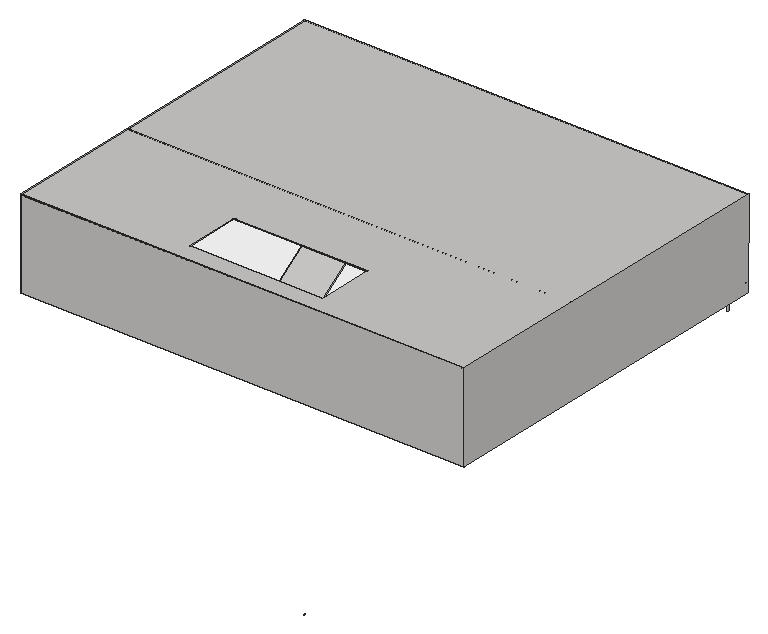
Revit family "QF_ELECTROLUXPROFESSIONAL_640204_EPF1620", category Attrezzature speciali, Revit 2021
Family settings
  Quota connettore circolare = Usa diametro
  Tipo di parte = Normale
  Basato su piano di lavoro = No
  Sempre verticale = Sì
  Taglio con vuoti quando caricato = No
  Condiviso = No
  Punto di calcolo locali = No
Parameters (values of type "Standard")
  Weight = 51.00 kg
  Watts = 0 W
  Volts = 0 V
  URL Manufacturer = "https://www.electroluxprofessional.com/"
  URL = "https://www.electroluxprofessional.com/"
  Steam Supply Size = 0 mm
  Steam Supply Minimum Pressure = 0.0 Pa
  Steam Supply Maximum Pressure = 0.0 Pa
  Steam Consumption per Hour = 0
  Refrigeration Suction Line Size = 0 mm
  Refrigeration Liquid Line Size = 0 mm
  Refrigerant Compressor Remote = yes
  Prospetto di default = 0 mm
  Produttore = "Electrolux Professional"
  Phase = 0
  Modello = "EPF1620"
  Length Actual = 2000 mm  # constant formula
  Item Number = "640204"
  Hot Water Size = 0 mm
  Height Actual = 400 mm  # constant formula
  HP = "0 HP"
  Gas Size = 0 mm
  Gas KW = 0
  Gas Input Pressure = 0 W
  Direct Waste Size = 0 mm
  Descrizione = "304 S/S WALL HOOD+FILTERS 200X160 CM"
  Depth Actual = 1600 mm  # constant formula
  Cycle = 0 Hz
  Condensate Return Size = 0 mm
  Compressed Air Volume = 0.0 L/s
  Compressed Air Size = 0 mm
  Compressed Air Pressure = 0.0 Pa
  Cold Water Size = 0 mm
  Accessory = yes
Reference planes
  plane 1: z = 0
  plane 2 "Center (Left/Right)": x = 150
  plane 3 "LEFT": x = -850
  plane 4 "RIGHT": x = 1150
  plane 5 "BACK": y = 550
  plane 6 "TOP": z = 2400
  plane 7 "Base": z = 2000
  plane 8: z = 1970
  plane 9 "DrainY": y = 450
  plane 10: x = -847
  plane 11: y = -720
  plane 12: y = -970
  plane 13 "DrainX": x = 1137
  plane 14 "AOLeft": x = -150
  plane 15 "AORight": x = 450
  plane 16: x = 1147
  plane 17: x = -650
  plane 18: x = 950
  plane 19: through (0, -449.6, 2399.19) normal (0, -0.5736, 0.8192)
  plane 20: x = 50
  plane 21: x = 250
  plane 22 "Center (Front/Back)": y = -250
  plane 23 "Front": y = -1050
Forms (mm)
  Extrusion 1, solid, material "QF_Finishes_Stainless Steel"
    sketch origin (-850, 0, 360) x (0, 1, 0) y (0, 0, 1)
      loop
        line (550, 1640) -> (550, 2040) -> (-1050, 2040) -> (-1050, 1640) -> (550, 1640)
    from 0 to 3
  Extrusion 2, solid, material "QF_Finishes_Stainless Steel"
    sketch origin (1150, 0, 360) x (0, 1, 0) y (0, 0, 1)
      loop
        line (550, 1640) -> (550, 2040) -> (-1050, 2040) -> (-1050, 1640) -> (550, 1640)
    from 0 to -3
  Extrusion 3, solid, material "QF_Finishes_Stainless Steel"
    sketch origin (150, 0, 360) x (0, 1, 0) y (0, 0, 1)
      loop
        line (-1050, 2040) -> (-1050, 1640) -> (-1040, 1640) -> (-1040, 1640.8) -> (-1049.2, 1640.8) -> (-1049.2, 2039.19) -> (549.2, 2039.19) -> (549.2, 1640.8) -> (540, 1640.8) -> (540, 1640) -> (550, 1640) -> (550, 2040) -> (-1050, 2040)
    from -1000 to 1000
  Extrusion 4, solid, material "QF_Finishes_Stainless Steel"
    sketch origin (0, 0, 2000) x (0, 1, 0) y (-1, 0, 0)
      loop
        circle (450, -1137) r 4.763
    from -30 to 0
  Extrusion 5, void
    sketch origin (0, 0, 2400) x (0, 1, 0) y (-1, 0, 0)
      loop
        line (-720, -450) -> (-720, 150) -> (-970, 150) -> (-970, -450) -> (-720, -450)
    from 0 to -10
  Extrusion 6, solid, material "QF_Finishes_Stainless Steel"
    sketch origin (0, 0, 0) x (1, 0, 0) y (0, 1, 0)
      loop
        line (-850, 550) -> (-850, 549) -> (-849, 549) -> (-849, 550) -> (-850, 550)
    from 0 to 1
  Extrusion 7, solid, material "QF_Finishes_Stainless Steel"
    sketch origin (150, 0, 360) x (0, 1, 0) y (0, 0, 1)
      loop
        line (-531.515, 1981.832) -> (-534.381, 1985.926) -> (-973.276, 1678.608) -> (-970.553, 1674.415) -> (-531.515, 1981.832)
    from -800 to -997
  Extrusion 8, solid, material "QF_Finishes_Stainless Steel"
    sketch origin (150, 0, 360) x (0, 1, 0) y (0, 0, 1)
      loop
        line (-1050, 2039.19) -> (-1050, 1640) -> (-1019.702, 1640) -> (-970.553, 1674.415) -> (-978.723, 1686.995) -> (-979.394, 1686.559) -> (-971.645, 1674.627) -> (-1019.955, 1640.8) -> (-1049.2, 1640.8) -> (-1049.2, 2039.19) -> (-1050, 2039.19)
      loop
        line (-449.6, 2039.19) -> (-450.995, 2039.19) -> (-531.319, 1982.947) -> (-539.464, 1994.578) -> (-540.119, 1994.12) -> (-531.515, 1981.832) -> (-449.6, 2039.19)
    from -997 to 997
  Extrusion 9, solid, material "QF_Finishes_Stainless Steel"
    sketch origin (150, 0, 360) x (0, 1, 0) y (0, 0, 1)
      loop
        line (-531.515, 1981.832) -> (-534.381, 1985.926) -> (-973.276, 1678.608) -> (-970.553, 1674.415) -> (-531.515, 1981.832)
    from 997 to 800
  Extrusion 10, solid, material "QF_Finishes_Stainless Steel"
    sketch origin (150, 0, 360) x (0, 1, 0) y (0, 0, 1)
      loop
        line (-531.515, 1981.832) -> (-534.381, 1985.926) -> (-973.276, 1678.608) -> (-970.553, 1674.415) -> (-531.515, 1981.832)
    from -100 to 100
  Extrusion 11, solid, material "QF_Finished_Chrome"
    sketch origin (150, 0, 360) x (0, 1, 0) y (0, 0, 1)
      loop
        line (-531.515, 1981.832) -> (-534.381, 1985.926) -> (-973.276, 1678.608) -> (-970.553, 1674.415) -> (-531.515, 1981.832)
    from -800 to -100
  Extrusion 12, solid, material "QF_Finished_Chrome"
    sketch origin (150, 0, 360) x (0, 1, 0) y (0, 0, 1)
      loop
        line (-531.515, 1981.832) -> (-534.381, 1985.926) -> (-973.276, 1678.608) -> (-970.553, 1674.415) -> (-531.515, 1981.832)
    from 100 to 800
  Sweep 13, solid, material "QF_Finishes_Stainless Steel"
    path origin (0, 0, 0) x (1, 0, 0) y (0, 1, 0)
      loop
        line (1150, 550) -> (-850, 550) -> (-850, -1050) -> (1150, -1050) -> (1150, 550)
    profile origin (1150, -250, 0) x (1, 0, 0) y (0, 0, 1)
      loop
        line (-3, 2000) -> (-3, 2000.8) -> (-19, 2000.8) -> (-19, 2010) -> (-20, 2010) -> (-20, 2000) -> (-3, 2000)
  Extrusion 14, solid, material "QF_Finishes_Stainless Steel"
    sketch origin (150, 0, 0) x (0, 1, 0) y (0, 0, 1)
      loop
        line (108.687, 2305.487) -> (549.2, 2040.8) -> (549.2, 2041.733) -> (109.285, 2306.061) -> (-443.438, 2399.19) -> (-445.739, 2399.19) -> (108.687, 2305.487)
    from -997 to 997
Cuts and joins
  Extrusion 5 cuts Extrusion 3
  joined: Extrusion 2, Extrusion 3, Sweep 13
Lines and regions (mm)
  symbolic lines, style "SpecialityEquipment", detail levels coarse
    curve 1: line (1150, 550, 2400) -> (-850, 550, 2400)
    curve 2: line (-850, 550, 2400) -> (-850, -1050.8, 2400)
    curve 3: line (1150, -1050.8, 2400) -> (1150, 550, 2400)
    curve 4: line (450, -970, 2400) -> (-150, -970, 2400)
    curve 5: line (450, -720, 2400) -> (450, -970, 2400)
    curve 6: line (-150, -720, 2400) -> (450, -720, 2400)
    curve 7: line (-150, -970, 2400) -> (-150, -720, 2400)
    curve 8: line (-850, 550, 0) -> (1150, -1050, 0)
    curve 9: line (1150, 550, 0) -> (-850, -1050, 0)
  symbolic lines, detail levels coarse
    curve 10: line (-850, -1050, 0) -> (1150, -1050, 0)
    curve 11: line (-150, -720, 0) -> (-150, -970, 0)
    curve 12: line (450, -720, 0) -> (-150, -720, 0)
    curve 13: line (450, -970, 0) -> (450, -720, 0)
    curve 14: line (-150, -970, 0) -> (450, -970, 0)
Dimensions and locks
  plane 3 "LEFT" to plane 4 "RIGHT" = 2000 mm
  equal spacing: plane 3 "LEFT", plane 2 "Center (Left/Right)", plane 4 "RIGHT"
  plane 7 "Base" to plane 8 = 30 mm
  plane 5 "BACK" to plane 9 "DrainY" = 100 mm  (x2)
  plane 3 "LEFT" to plane 10 = 3 mm
  plane 13 "DrainX" to plane 4 "RIGHT" = 13 mm
  plane 16 to plane 4 "RIGHT" = 3 mm
  plane 3 "LEFT" to plane 17 = 200 mm
  plane 18 to plane 4 "RIGHT" = 200 mm
  locked: plane 14 "AOLeft" to plane 15 "AORight" at 600
  equal spacing: plane 14 "AOLeft", plane 2 "Center (Left/Right)", plane 15 "AORight"
  locked: plane 7 "Base" to level at 2000
  locked: plane 6 "TOP" to plane 7 "Base" at 400
  locked: plane 20 to plane 21 at 200
  equal spacing: plane 20, plane 2 "Center (Left/Right)", plane 21
  locked: plane 11 to plane 12 at 250
  plane 5 "BACK" to plane 23 "Front" = 1600 mm  (x2)
  equal spacing: plane 5 "BACK", plane 22 "Center (Front/Back)", plane 23 "Front"
  plane 12 to plane 23 "Front" = 80 mm
  aligned and locked: level to plane 1
  aligned and locked: plane 4 "RIGHT" to Extrusion 3
  aligned and locked: Extrusion 3 to plane 3 "LEFT"
  aligned and locked: Extrusion 5 to plane 14 "AOLeft"
  aligned and locked: Extrusion 5 to plane 12
  aligned and locked: Extrusion 5 to plane 11
  aligned and locked: Extrusion 7 to plane 10
  aligned and locked: Extrusion 7 to plane 17
  aligned and locked: Extrusion 2 to plane 16
  aligned and locked: Extrusion 5 to plane 15 "AORight"
  aligned and locked: plane 15 "AORight" to curve 5
  aligned and locked: plane 16 to Extrusion 9
  aligned and locked: plane 18 to Extrusion 9
  aligned and locked: Extrusion 10 to plane 21
  aligned and locked: Extrusion 10 to plane 20
  aligned and locked: Extrusion 11 to plane 20
  aligned and locked: plane 17 to Extrusion 11
  aligned and locked: Extrusion 12 to plane 21
  aligned and locked: Extrusion 12 to plane 18
  aligned and locked: Extrusion 14 to plane 10
  aligned and locked: plane 16 to Extrusion 14
  aligned and locked: Extrusion 8 to plane 10
  aligned and locked: Extrusion 8 to plane 16
  aligned and locked: Extrusion 1 to plane 23 "Front"
Automatic sketch dimensions
  curve 2 to plane 3 "LEFT" = 0 mm
  curve 4 to plane 12 = 0 mm
  plane 11 to curve 6 = 0 mm
  curve 2 to plane 5 "BACK" = 0 mm
  curve 4 to plane 14 "AOLeft" = 0 mm
  Extrusion 1 sketch curve to plane 7 "Base" = 0 mm
  Extrusion 1 sketch curve to plane 5 "BACK" = 0 mm
  Extrusion 1 sketch curve to plane 6 "TOP" = 0 mm
  Extrusion 2 sketch curve to plane 7 "Base" = 0 mm
  Extrusion 2 sketch curve to plane 5 "BACK" = 0 mm
  Extrusion 2 sketch curve to plane 6 "TOP" = 0 mm
  Extrusion 3 sketch curve to plane 6 "TOP" = 0 mm
  Extrusion 3 sketch curve to plane 7 "Base" = 0 mm  (x2)
  Extrusion 3 sketch curve to plane 5 "BACK" = 0 mm
  Extrusion 3 sketch curve to Extrusion 3 sketch curve = 9.2 mm
  plane 7 "Base" to Extrusion 3 sketch curve = 0.8 mm  (x2)
  Extrusion 3 sketch curve to plane 5 "BACK" = 10 mm
  Extrusion 3 sketch curve to plane 5 "BACK" = 0.8 mm
  Extrusion 3 sketch curve to plane 6 "TOP" = 0.81 mm
  Extrusion 4 sketch curve to plane 9 "DrainY" = 0 mm
  Extrusion 4 sketch curve to plane 13 "DrainX" = 0 mm
  Extrusion 5 sketch curve to plane 12 = 0 mm
  plane 11 to Extrusion 5 sketch curve = 0 mm
  Extrusion 5 sketch curve to plane 15 "AORight" = 0 mm
  Extrusion 5 sketch curve to plane 14 "AOLeft" = 0 mm
  Extrusion 6 sketch curve to plane 3 "LEFT" = 0 mm
  Extrusion 6 sketch curve to plane 5 "BACK" = 0 mm
  plane 3 "LEFT" to Extrusion 6 sketch curve = 1 mm
  Extrusion 6 sketch curve to Extrusion 6 sketch curve = 1 mm
  Extrusion 7 sketch curve to plane 19 = 0 mm  (x2)
  plane 7 "Base" to Extrusion 7 sketch curve = 34.415 mm
  Extrusion 7 sketch curve to plane 6 "TOP" = 54.074 mm
  Extrusion 8 sketch curve to plane 7 "Base" = 0 mm
  plane 19 to Extrusion 8 sketch curve = 0 mm  (x4)
  Extrusion 8 sketch curve to Extrusion 8 sketch curve = 0.252 mm
  Extrusion 8 sketch curve to Extrusion 8 sketch curve = 40.561 mm
  plane 7 "Base" to Extrusion 8 sketch curve = 46.995 mm
  Extrusion 8 sketch curve to Extrusion 8 sketch curve = 0.671 mm
  plane 7 "Base" to Extrusion 8 sketch curve = 34.627 mm
  Extrusion 8 sketch curve to Extrusion 8 sketch curve = 7.749 mm
  Extrusion 8 sketch curve to plane 6 "TOP" = 45.88 mm
  Extrusion 8 sketch curve to plane 6 "TOP" = 45.422 mm
  Extrusion 8 sketch curve to plane 6 "TOP" = 57.053 mm
  Extrusion 8 sketch curve to plane 6 "TOP" = 0.81 mm  (x2)
  plane 7 "Base" to Extrusion 8 sketch curve = 0.8 mm
  Extrusion 9 sketch curve to plane 19 = 0 mm  (x2)
  plane 7 "Base" to Extrusion 9 sketch curve = 34.415 mm
  Extrusion 9 sketch curve to plane 6 "TOP" = 54.074 mm
  Extrusion 10 sketch curve to plane 19 = 0 mm  (x2)
  plane 7 "Base" to Extrusion 10 sketch curve = 34.415 mm
  Extrusion 10 sketch curve to plane 6 "TOP" = 54.074 mm
  Extrusion 11 sketch curve to plane 19 = 0 mm  (x2)
  plane 7 "Base" to Extrusion 11 sketch curve = 34.415 mm
  Extrusion 11 sketch curve to plane 6 "TOP" = 54.074 mm
  Extrusion 12 sketch curve to plane 19 = 0 mm  (x2)
  plane 7 "Base" to Extrusion 12 sketch curve = 34.415 mm
  Extrusion 12 sketch curve to plane 6 "TOP" = 54.074 mm
  Sweep 13 sketch curve to plane 3 "LEFT" = 0 mm
  Sweep 13 sketch curve to plane 4 "RIGHT" = 0 mm
  Sweep 13 sketch curve to plane 5 "BACK" = 0 mm
  profile plane to Sweep 13 sketch curve = 20 mm
  Sweep 13 sketch curve to Sweep 13 sketch curve = 1 mm
  profile plane to Sweep 13 sketch curve = 3 mm
  level to Sweep 13 sketch curve = 2000 mm
  Sweep 13 sketch curve to Sweep 13 sketch curve = 0.8 mm
  Sweep 13 sketch curve to Sweep 13 sketch curve = 9.2 mm
  Extrusion 7 sketch curve to plane 11 = 185.619 mm
  Extrusion 8 sketch curve to Extrusion 8 sketch curve = 90.519 mm
  Extrusion 9 sketch curve to plane 11 = 185.619 mm
  Extrusion 10 sketch curve to plane 11 = 185.619 mm
  Extrusion 11 sketch curve to plane 11 = 185.619 mm
  Extrusion 12 sketch curve to plane 11 = 185.619 mm
  Extrusion 1 sketch curve to plane 12 = 80 mm
  Extrusion 2 sketch curve to plane 12 = 80 mm
  Extrusion 3 sketch curve to plane 12 = 70 mm
  Extrusion 3 sketch curve to Extrusion 3 sketch curve = 0.8 mm
  Extrusion 7 sketch curve to plane 12 = 3.276 mm
  Extrusion 8 sketch curve to plane 12 = 79.2 mm
  Extrusion 8 sketch curve to Extrusion 8 sketch curve = 0.8 mm
  Extrusion 9 sketch curve to plane 12 = 3.276 mm
  Extrusion 10 sketch curve to plane 12 = 3.276 mm
  Extrusion 11 sketch curve to plane 12 = 3.276 mm
  Extrusion 12 sketch curve to plane 12 = 3.276 mm
  Sweep 13 sketch curve to plane 12 = 80 mm
  Extrusion 14 sketch curve to plane 6 "TOP" = 0.81 mm
  Extrusion 14 sketch curve to plane 22 "Center (Front/Back)" = 195.739 mm
  Extrusion 14 sketch curve to Extrusion 14 sketch curve = 2.3 mm
  Extrusion 14 sketch curve to plane 6 "TOP" = 94.513 mm
  Extrusion 14 sketch curve to plane 9 "DrainY" = 341.313 mm
  Extrusion 14 sketch curve to plane 6 "TOP" = 93.939 mm
  Extrusion 14 sketch curve to Extrusion 14 sketch curve = 0.598 mm
  Extrusion 14 sketch curve to plane 5 "BACK" = 0.8 mm
  plane 7 "Base" to Extrusion 14 sketch curve = 40.8 mm
  Extrusion 14 sketch curve to Extrusion 14 sketch curve = 0.933 mm
  curve 3 to plane 4 "RIGHT" = 0 mm
  curve 3 to plane 23 "Front" = 0.8 mm
  curve 2 to plane 23 "Front" = 0.8 mm
  curve 10 to plane 3 "LEFT" = 0 mm
  curve 8 to plane 3 "LEFT" = 0 mm
  curve 9 to plane 4 "RIGHT" = 0 mm
  curve 10 to plane 4 "RIGHT" = 0 mm
  curve 8 to plane 23 "Front" = 0 mm
  curve 9 to plane 5 "BACK" = 0 mm
  curve 8 to plane 5 "BACK" = 0 mm
  plane 11 to curve 11 = 0 mm
  curve 11 to plane 14 "AOLeft" = 0 mm
  curve 12 to plane 15 "AORight" = 0 mm
  curve 13 to plane 12 = 0 mm
  radius of Extrusion 4 sketch curve = 4.763 mm
Connectors
  piping at (1137, 450, 1970), diameter 9.5
    settings: on Extrusion 4, index 1, connector inside diameter 609.6 mm, connector length 0 mm, flow factor 0, pipe flow 0.0 L/s, pressure drop 0.0 Pa, fitting loss kfactor 0, connector angle 0.00°, fixture units 0, engagement length 0 mm, angle of deflection 0.00°, flow configuration 1, flow direction 2, fitting loss method 0, system type 16, joint type 0, gender type 0, connector reference index -1, connector utility 0, adjustable connector no, is connector primary yes, connector description "Drain"
  hvac at (150, -845, 2400)
    settings: on Extrusion 5, index 2, duct flow 0.0 L/s, flow factor 0, pres drop 0.0 Pa, loss coef 0, conn angle 0.00°, conn width 250 mm, conn height 600 mm, conn diameter 609.6 mm, duct sys type 3, conn prof type 1, flow config 1, flow direction 0, loss method 0, conn ref index -1, conn util no, is conn primary yes, conn desc "EXHAUST OUTLET"
